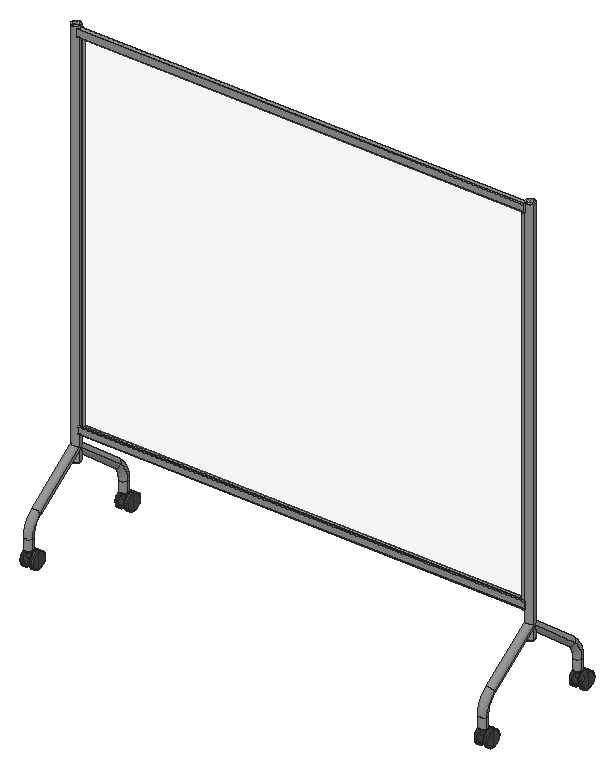
Revit family "Essentials Mobile Clear Divider Large", category Generic Models, Revit 2018
Family settings
  Can host rebar = No
  Round Connector Dimension = Use Diameter
  Part Type = Normal
  Work Plane-Based = No
  Always vertical = Yes
  Cut with Voids When Loaded = No
  Shared = No
  Room Calculation Point = No
Reference planes (in)
  plane 1 "Center (Front/Back)": y = 0
  plane 2: z = 0
  plane 3 "Center (Left/Right)": x = 0
Forms (in)
  Extrusion 1, solid, material "Essentials Mobile Board Frame"
    sketch origin (0, 0, 55.23622) x (0, 1, 0) y (0, 0, 1)
      loop
        line (0.26218, 15.19685) -> (0.26218, 16.22047)
        arc (0.26218, 16.22047) -> (0.23912, 16.27615) -> (0.18344, 16.29921) r 0.07874
        line (0.18344, 16.29921) -> (-0.44648, 16.29921)
        arc (-0.44648, 16.29921) -> (-0.50216, 16.27615) -> (-0.52522, 16.22047) r 0.07874
        line (-0.52522, 16.22047) -> (-0.52522, 15.19685)
        arc (-0.52522, 15.19685) -> (-0.50216, 15.14117) -> (-0.44648, 15.11811) r 0.07874
        line (-0.44648, 15.11811) -> (0.18344, 15.11811)
        arc (0.18344, 15.11811) -> (0.23912, 15.14117) -> (0.26218, 15.19685) r 0.07874
    from -34.70472 to 34.70472
  Revolve 2, solid, material "Essentials Mobile Board Frame"
    sketch origin (-35.23622, 0.13152, 83.0315) x (0, 1, 0) y (0, 0, 1)
      loop
        line (-0.76144, -11.22047) -> (-0.13152, -11.22047) -> (-0.13152, -11.06267) -> (-0.68143, -11.06267)
        arc (-0.68143, -11.06267) -> (-0.73801, -11.0861) -> (-0.76144, -11.14268) r 0.08001
        line (-0.76144, -11.14268) -> (-0.76144, -11.22047)
      axis (-0.13152, -11.22047) -> (-0.13152, -11.06267)
    angle from 0 to 360
  Sweep 3, solid, material "Essentials Mobile Board Frame"
    path origin (-14.84252, 0.13152, 0) x (0, 1, 0) y (0, 0, 1)
      loop
        line (8.45115, 2.95276) -> (8.45115, 4.52756)
        arc (8.45115, 4.52756) -> (8.13942, 5.84807) -> (7.27005, 6.88976) r 2.95276
        line (7.27005, 6.88976) -> (-0.13152, 12.44095) -> (-7.5331, 6.88976)
        arc (-7.5331, 6.88976) -> (-8.40247, 5.84807) -> (-8.7142, 4.52756) r 2.95276
        line (-8.7142, 4.52756) -> (-8.7142, 2.95276)
    profile origin (-14.84252, 8.58268, 3.74016) x (0, -1, 0) y (1, 0, 0)
      loop
        circle (-0.62992, -20.3937) r 0.62992
  Extrusion 4, solid, material "Essentials Mobile Board Frame"
    sketch origin (-0.99409, 0.13152, 0) x (0, 1, 0) y (0, 0, 1)
      loop
        line (0.26218, 15.19685) -> (0.26218, 16.22047)
        arc (0.26218, 16.22047) -> (0.23912, 16.27615) -> (0.18344, 16.29921) r 0.07874
        line (0.18344, 16.29921) -> (-0.44648, 16.29921)
        arc (-0.44648, 16.29921) -> (-0.50216, 16.27615) -> (-0.52522, 16.22047) r 0.07874
        line (-0.52522, 16.22047) -> (-0.52522, 15.19685)
        arc (-0.52522, 15.19685) -> (-0.50216, 15.14117) -> (-0.44648, 15.11811) r 0.07874
        line (-0.44648, 15.11811) -> (0.18344, 15.11811)
        arc (0.18344, 15.11811) -> (0.23912, 15.14117) -> (0.26218, 15.19685) r 0.07874
    from -33.71063 to 35.69882
  Extrusion 5, solid, material "Essentials Mobile Board Frame"
    sketch origin (-12.85433, 0.13152, 0) x (1, 0, 0) y (0, 1, 0)
      loop
        line (-21.85039, 0.05745) -> (-21.85039, -0.3205) -> (-21.20079, -0.3205) -> (-21.20079, 0.05745) -> (-21.85039, 0.05745)
    from 16.29921 to 70.43307
  Extrusion 6, solid, material "Essentials Mobile Clear Surface"
    sketch origin (-0.99409, 0.13152, 0) x (1, 0, 0) y (0, 1, 0)
      loop
        line (-33.06102, 0.05745) -> (-33.06102, -0.3205) -> (35.04921, -0.3205) -> (35.04921, 0.05745) -> (-33.06102, 0.05745)
    from 16.29921 to 70.43307
  Revolve 7, solid, material "Essentials Mobile Board Casters"
    sketch origin (-12.85433, -8.42352, 0) x (-1, 0, 0) y (0, 0, -1)
      loop
        line (23.40551, -1.25984) -> (23.40551, -0.13655)
        arc (23.40551, -0.13655) -> (23.36552, -0.03999) -> (23.26896, 0) r 0.13655
        line (23.26896, 0) -> (22.93182, 0)
        arc (22.93182, 0) -> (22.83527, -0.03999) -> (22.79528, -0.13655) r 0.13655
        line (22.79528, -0.13655) -> (22.79528, -1.00398) -> (21.9685, -1.00398) -> (21.9685, -0.13655)
        arc (21.9685, -0.13655) -> (21.92851, -0.03999) -> (21.83196, 0) r 0.13655
        line (21.83196, 0) -> (21.49481, 0)
        arc (21.49481, 0) -> (21.39826, -0.03999) -> (21.35827, -0.13655) r 0.13655
        line (21.35827, -0.13655) -> (21.35827, -1.25984) -> (23.40551, -1.25984)
      axis (21.35827, -1.25984) -> (23.40551, -1.25984)
    angle from 0 to 360
  Extrusion 8, solid, material "Essentials Mobile Board Casters"
    sketch origin (-12.85433, 0.13152, 0) x (0, 1, 0) y (0, 0, -1)
      loop
        line (-7.33688, -1.25984) -> (-7.84806, -1.25984)
        arc (-7.84806, -1.25984) -> (-7.8759, -1.24831) -> (-7.88743, -1.22047) r 0.03937
        line (-7.88743, -1.22047) -> (-7.88743, -0.90551)
        arc (-7.88743, -0.90551) -> (-7.89896, -0.87767) -> (-7.9268, -0.86614) r 0.03937
        line (-7.9268, -0.86614) -> (-9.72462, -0.86614)
        arc (-9.72462, -0.86614) -> (-9.7481, -0.8739) -> (-9.76231, -0.89413) r 0.03937
        arc (-9.76231, -0.89413) -> (-8.76078, -2.50148) -> (-7.29724, -1.29948) r 1.25978
        arc (-7.29724, -1.29948) -> (-7.30885, -1.27145) -> (-7.33688, -1.25984) r 0.03964
    from 22.02756 to 22.73622
  Revolve 9, solid, material "Essentials Mobile Board Casters"
    sketch origin (-12.85433, -9.2126, 0) x (-1, 0, 0) y (0, 0, -1)
      loop
        line (22.38189, -2.95276) -> (23.01024, -2.95276) -> (23.01024, -2.87402)
        arc (23.01024, -2.87402) -> (22.98718, -2.81834) -> (22.9315, -2.79528) r 0.07874
        line (22.9315, -2.79528) -> (22.59263, -2.79528)
        arc (22.59263, -2.79528) -> (22.6322, -2.76478) -> (22.61926, -2.71654) r 0.04502
        arc (22.61926, -2.71654) -> (22.63894, -2.69685) -> (22.61926, -2.67717) r 0.01969
        line (22.61926, -2.67717) -> (22.57874, -2.67717) -> (22.57874, -2.55906) -> (22.63966, -2.55906)
        arc (22.63966, -2.55906) -> (22.67066, -2.54653) -> (22.68838, -2.51817) r 0.0541
        line (22.68838, -2.51817) -> (22.68838, -1.68744) -> (22.38189, -1.68744) -> (22.38189, -2.95276)
      axis (22.38189, -2.95276) -> (22.38189, -1.68744)
    angle from 0 to 360
  Revolve 10, solid, material "Essentials Mobile Board Casters"
    sketch origin (-12.85433, 10.00011, 0) x (-1, 0, 0) y (0, 0, -1)
      loop
        line (23.40551, -1.25984) -> (23.40551, -0.13655)
        arc (23.40551, -0.13655) -> (23.36552, -0.03999) -> (23.26896, 0) r 0.13655
        line (23.26896, 0) -> (22.93182, 0)
        arc (22.93182, 0) -> (22.83527, -0.03999) -> (22.79528, -0.13655) r 0.13655
        line (22.79528, -0.13655) -> (22.79528, -1.00398) -> (21.9685, -1.00398) -> (21.9685, -0.13655)
        arc (21.9685, -0.13655) -> (21.92851, -0.03999) -> (21.83196, 0) r 0.13655
        line (21.83196, 0) -> (21.49481, 0)
        arc (21.49481, 0) -> (21.39826, -0.03999) -> (21.35827, -0.13655) r 0.13655
        line (21.35827, -0.13655) -> (21.35827, -1.25984) -> (23.40551, -1.25984)
      axis (21.35827, -1.25984) -> (23.40551, -1.25984)
    angle from 0 to 360
  Extrusion 11, solid, material "Essentials Mobile Board Casters"
    sketch origin (-12.85433, 18.55515, 0) x (0, 1, 0) y (0, 0, -1)
      loop
        line (-7.33688, -1.25984) -> (-7.84806, -1.25984)
        arc (-7.84806, -1.25984) -> (-7.8759, -1.24831) -> (-7.88743, -1.22047) r 0.03937
        line (-7.88743, -1.22047) -> (-7.88743, -0.90551)
        arc (-7.88743, -0.90551) -> (-7.89896, -0.87767) -> (-7.9268, -0.86614) r 0.03937
        line (-7.9268, -0.86614) -> (-9.72462, -0.86614)
        arc (-9.72462, -0.86614) -> (-9.7481, -0.8739) -> (-9.76231, -0.89413) r 0.03937
        arc (-9.76231, -0.89413) -> (-8.76078, -2.50148) -> (-7.29724, -1.29948) r 1.25978
        arc (-7.29724, -1.29948) -> (-7.30885, -1.27145) -> (-7.33688, -1.25984) r 0.03964
    from 22.02756 to 22.73622
  Revolve 12, solid, material "Essentials Mobile Board Casters"
    sketch origin (-12.85433, 9.21103, 0) x (-1, 0, 0) y (0, 0, -1)
      loop
        line (22.38189, -2.95276) -> (23.01024, -2.95276) -> (23.01024, -2.87402)
        arc (23.01024, -2.87402) -> (22.98718, -2.81834) -> (22.9315, -2.79528) r 0.07874
        line (22.9315, -2.79528) -> (22.59263, -2.79528)
        arc (22.59263, -2.79528) -> (22.6322, -2.76478) -> (22.61926, -2.71654) r 0.04502
        arc (22.61926, -2.71654) -> (22.63894, -2.69685) -> (22.61926, -2.67717) r 0.01969
        line (22.61926, -2.67717) -> (22.57874, -2.67717) -> (22.57874, -2.55906) -> (22.63966, -2.55906)
        arc (22.63966, -2.55906) -> (22.67066, -2.54653) -> (22.68838, -2.51817) r 0.0541
        line (22.68838, -2.51817) -> (22.68838, -1.68744) -> (22.38189, -1.68744) -> (22.38189, -2.95276)
      axis (22.38189, -2.95276) -> (22.38189, -1.68744)
    angle from 0 to 360
  Revolve 13, solid, material "Essentials Mobile Board Frame"
    sketch origin (-35.23622, 0.13152, 0) x (0, 1, 0) y (0, 0, 1)
      loop
        line (-0.76144, 11.22047) -> (-0.76144, 11.14268)
        arc (-0.76144, 11.14268) -> (-0.73801, 11.0861) -> (-0.68143, 11.06267) r 0.08001
        line (-0.68143, 11.06267) -> (-0.13152, 11.06267) -> (-0.13152, 11.22047) -> (-0.76144, 11.22047)
      axis (-0.13152, 11.22047) -> (-0.13152, 11.06267)
    angle from 0 to 360
  Extrusion 14, solid, material "Essentials Mobile Board Frame"
    sketch origin (0.99409, 0.13152, 0) x (1, 0, 0) y (0, 1, 0)
      loop
        circle (-36.21031, -0.13152) r 0.62992
      loop
        circle (34.22212, -0.13152) r 0.62992
    from 11.22047 to 71.81102
  Revolve 15, solid, material "Essentials Mobile Board Frame"
    sketch origin (35.23622, 0.13152, 83.0315) x (0, 1, 0) y (0, 0, -1)
      loop
        line (-0.76144, 11.22047) -> (-0.76144, 11.14268)
        arc (-0.76144, 11.14268) -> (-0.73801, 11.0861) -> (-0.68143, 11.06267) r 0.08001
        line (-0.68143, 11.06267) -> (-0.13152, 11.06267) -> (-0.13152, 11.22047) -> (-0.76144, 11.22047)
      axis (-0.13152, 11.22047) -> (-0.13152, 11.06267)
    angle from 0 to 360
  Sweep 16, solid, material "Essentials Mobile Board Frame"
    path origin (14.84252, 0.13152, 0) x (0, 1, 0) y (0, 0, -1)
      loop
        line (8.45115, -2.95276) -> (8.45115, -4.52756)
        arc (8.45115, -4.52756) -> (8.13942, -5.84807) -> (7.27005, -6.88976) r 2.95276
        line (7.27005, -6.88976) -> (-0.13152, -12.44095) -> (-7.5331, -6.88976)
        arc (-7.5331, -6.88976) -> (-8.40247, -5.84807) -> (-8.7142, -4.52756) r 2.95276
        line (-8.7142, -4.52756) -> (-8.7142, -2.95276)
    profile origin (14.84252, 8.58268, 3.74016) x (0, 1, 0) y (-1, 0, 0)
      loop
        circle (0.62992, -20.3937) r 0.62992
  Extrusion 17, solid, material "Essentials Mobile Board Frame"
    sketch origin (12.85433, 0.13152, 0) x (-1, 0, 0) y (0, -1, 0)
      loop
        line (-21.85039, -0.05745) -> (-21.20079, -0.05745) -> (-21.20079, 0.3205) -> (-21.85039, 0.3205) -> (-21.85039, -0.05745)
    from 16.29921 to 70.43307
  Revolve 18, solid, material "Essentials Mobile Board Casters"
    sketch origin (12.85433, -8.42352, 0) x (1, 0, 0) y (0, 0, 1)
      loop
        line (23.40551, 1.25984) -> (21.35827, 1.25984) -> (21.35827, 0.13655)
        arc (21.35827, 0.13655) -> (21.39826, 0.03999) -> (21.49481, 0) r 0.13655
        line (21.49481, 0) -> (21.83196, 0)
        arc (21.83196, 0) -> (21.92851, 0.03999) -> (21.9685, 0.13655) r 0.13655
        line (21.9685, 0.13655) -> (21.9685, 1.00398) -> (22.79528, 1.00398) -> (22.79528, 0.13655)
        arc (22.79528, 0.13655) -> (22.83527, 0.03999) -> (22.93182, 0) r 0.13655
        line (22.93182, 0) -> (23.26896, 0)
        arc (23.26896, 0) -> (23.36552, 0.03999) -> (23.40551, 0.13655) r 0.13655
        line (23.40551, 0.13655) -> (23.40551, 1.25984)
      axis (21.35827, 1.25984) -> (23.40551, 1.25984)
    angle from 0 to 360
  Extrusion 19, solid, material "Essentials Mobile Board Casters"
    sketch origin (12.85433, 0.13152, 0) x (0, 1, 0) y (0, 0, 1)
      loop
        arc (-7.33688, 1.25984) -> (-7.30885, 1.27145) -> (-7.29724, 1.29948) r 0.03964
        arc (-7.29724, 1.29948) -> (-8.76078, 2.50148) -> (-9.76231, 0.89413) r 1.25978
        arc (-9.76231, 0.89413) -> (-9.7481, 0.8739) -> (-9.72462, 0.86614) r 0.03937
        line (-9.72462, 0.86614) -> (-7.9268, 0.86614)
        arc (-7.9268, 0.86614) -> (-7.89896, 0.87767) -> (-7.88743, 0.90551) r 0.03937
        line (-7.88743, 0.90551) -> (-7.88743, 1.22047)
        arc (-7.88743, 1.22047) -> (-7.8759, 1.24831) -> (-7.84806, 1.25984) r 0.03937
        line (-7.84806, 1.25984) -> (-7.33688, 1.25984)
    from 22.02756 to 22.73622
  Revolve 20, solid, material "Essentials Mobile Board Casters"
    sketch origin (12.85433, -9.2126, 0) x (1, 0, 0) y (0, 0, 1)
      loop
        line (22.38189, 2.95276) -> (22.38189, 1.68744) -> (22.68838, 1.68744) -> (22.68838, 2.51817)
        arc (22.68838, 2.51817) -> (22.67066, 2.54653) -> (22.63966, 2.55906) r 0.0541
        line (22.63966, 2.55906) -> (22.57874, 2.55906) -> (22.57874, 2.67717) -> (22.61926, 2.67717)
        arc (22.61926, 2.67717) -> (22.63894, 2.69685) -> (22.61926, 2.71654) r 0.01969
        arc (22.61926, 2.71654) -> (22.6322, 2.76478) -> (22.59263, 2.79528) r 0.04502
        line (22.59263, 2.79528) -> (22.9315, 2.79528)
        arc (22.9315, 2.79528) -> (22.98718, 2.81834) -> (23.01024, 2.87402) r 0.07874
        line (23.01024, 2.87402) -> (23.01024, 2.95276) -> (22.38189, 2.95276)
      axis (22.38189, 2.95276) -> (22.38189, 1.68744)
    angle from 0 to 360
  Revolve 21, solid, material "Essentials Mobile Board Casters"
    sketch origin (12.85433, 10.00011, 0) x (1, 0, 0) y (0, 0, 1)
      loop
        line (23.40551, 1.25984) -> (21.35827, 1.25984) -> (21.35827, 0.13655)
        arc (21.35827, 0.13655) -> (21.39826, 0.03999) -> (21.49481, 0) r 0.13655
        line (21.49481, 0) -> (21.83196, 0)
        arc (21.83196, 0) -> (21.92851, 0.03999) -> (21.9685, 0.13655) r 0.13655
        line (21.9685, 0.13655) -> (21.9685, 1.00398) -> (22.79528, 1.00398) -> (22.79528, 0.13655)
        arc (22.79528, 0.13655) -> (22.83527, 0.03999) -> (22.93182, 0) r 0.13655
        line (22.93182, 0) -> (23.26896, 0)
        arc (23.26896, 0) -> (23.36552, 0.03999) -> (23.40551, 0.13655) r 0.13655
        line (23.40551, 0.13655) -> (23.40551, 1.25984)
      axis (21.35827, 1.25984) -> (23.40551, 1.25984)
    angle from 0 to 360
  Extrusion 22, solid, material "Essentials Mobile Board Casters"
    sketch origin (12.85433, 18.55515, 0) x (0, 1, 0) y (0, 0, 1)
      loop
        arc (-7.33688, 1.25984) -> (-7.30885, 1.27145) -> (-7.29724, 1.29948) r 0.03964
        arc (-7.29724, 1.29948) -> (-8.76078, 2.50148) -> (-9.76231, 0.89413) r 1.25978
        arc (-9.76231, 0.89413) -> (-9.7481, 0.8739) -> (-9.72462, 0.86614) r 0.03937
        line (-9.72462, 0.86614) -> (-7.9268, 0.86614)
        arc (-7.9268, 0.86614) -> (-7.89896, 0.87767) -> (-7.88743, 0.90551) r 0.03937
        line (-7.88743, 0.90551) -> (-7.88743, 1.22047)
        arc (-7.88743, 1.22047) -> (-7.8759, 1.24831) -> (-7.84806, 1.25984) r 0.03937
        line (-7.84806, 1.25984) -> (-7.33688, 1.25984)
    from 22.02756 to 22.73622
  Revolve 23, solid, material "Essentials Mobile Board Casters"
    sketch origin (12.85433, 9.21103, 0) x (1, 0, 0) y (0, 0, 1)
      loop
        line (22.38189, 2.95276) -> (22.38189, 1.68744) -> (22.68838, 1.68744) -> (22.68838, 2.51817)
        arc (22.68838, 2.51817) -> (22.67066, 2.54653) -> (22.63966, 2.55906) r 0.0541
        line (22.63966, 2.55906) -> (22.57874, 2.55906) -> (22.57874, 2.67717) -> (22.61926, 2.67717)
        arc (22.61926, 2.67717) -> (22.63894, 2.69685) -> (22.61926, 2.71654) r 0.01969
        arc (22.61926, 2.71654) -> (22.6322, 2.76478) -> (22.59263, 2.79528) r 0.04502
        line (22.59263, 2.79528) -> (22.9315, 2.79528)
        arc (22.9315, 2.79528) -> (22.98718, 2.81834) -> (23.01024, 2.87402) r 0.07874
        line (23.01024, 2.87402) -> (23.01024, 2.95276) -> (22.38189, 2.95276)
      axis (22.38189, 2.95276) -> (22.38189, 1.68744)
    angle from 0 to 360
  Revolve 24, solid, material "Essentials Mobile Board Frame"
    sketch origin (35.23622, 0.13152, 0) x (0, 1, 0) y (0, 0, -1)
      loop
        line (-0.76144, -11.22047) -> (-0.13152, -11.22047) -> (-0.13152, -11.06267) -> (-0.68143, -11.06267)
        arc (-0.68143, -11.06267) -> (-0.73801, -11.0861) -> (-0.76144, -11.14268) r 0.08001
        line (-0.76144, -11.14268) -> (-0.76144, -11.22047)
      axis (-0.13152, -11.22047) -> (-0.13152, -11.06267)
    angle from 0 to 360
Dimensions and locks (in)
  aligned and locked: plane 2 to level
